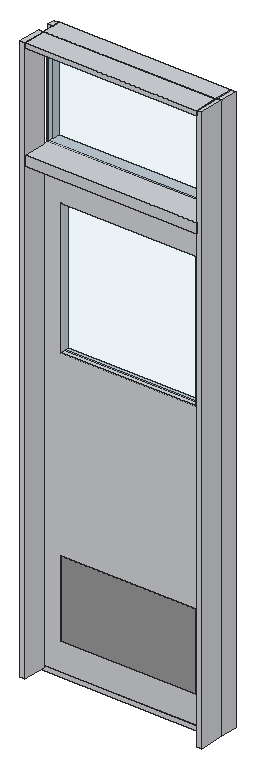
Revit family "Dor_片引き戸（幕板付）_引込み", category ドア, Revit 2020
Family settings
  ホスト = 壁
  常に垂直 = はい
  ロード時にボイドで切り取り = はい
  共有 = いいえ
  部屋計算ポイント = いいえ
Parameters (values of type "片引き戸（幕板付）_引込み")
  開口逃げ位置表示 [instance] = no
  金物_施錠方式(外) = ""
  金物_施錠方式(内) = ""
  金物_支持金物 = ""
  金物_操作金物 = ""
  金物_戸当り = ""
  金物_固定金物 = ""
  金物_フランス落し = ""
  金物_クローザー = ""
  逃げ_左 = 60 mm
  逃げ_右 = 60 mm
  解析用性能 = "<なし>"
  符号_建具記号 = ""
  符号_建具番号 = ""
  無目見付 = 50 mm
  法_随時閉鎖 = yes
  法_防火性能 = ""
  法_遮煙 = yes
  法_常時閉鎖 = yes
  沓摺表示 [instance] = yes
  枠見付上 = 25 mm
  文字_ガラス厚 = ""
  引き残し = 120 mm
  幕板高さ = 500 mm
  幕板_パネル [instance] = no
  幕板_ガラス [instance] = not(幕板_パネル)  # yes
  沓摺見込_Kg [instance] = 150 mm
  ラベル_遮煙 = if(法_遮煙, "S", " ")  # "S"
  ラベル_法囲み = if(法_常時閉鎖, "□", if(法_随時閉鎖, "〇", " "))  # "□"
  マテリアル_ハンドル = none
  ボード厚 [instance] = 25 mm
  ドア高さ = 2400 mm
  ドアパネルタイプ = DP_腰窓+ガラリ : 腰窓+ガラリ
  スリット/小窓位置：戸先 [instance] = yes
  クリアランス_戸尻枠 = 30 mm
  クリアランス_壁パネル間 = 10 mm
  ガラス厚 = 6 mm
  calc_沓摺幅 = パネル幅1 + calc_戸尻位置 + クリアランス_戸尻枠  # 1760 mm
  沓摺タイプ = Kb_沓摺_引込み : Kb_沓摺_引込み
  次による断熱プロパティの定義 = スキーマティック タイプ
  文字_額縁材質 = ""
  文字_額縁仕上 = ""
  文字_沓摺材質 = ""
  文字_沓摺仕上 = ""
  文字_枠材質 = ""
  文字_枠仕上 = ""
  文字_建具材質 = ""
  文字_建具仕上 = ""
  文字_取付場所 = ""
  文字_備考 = ""
  文字_パネル厚 = ""
  文字_ガラリ材質 = ""
  文字_ガラリ仕上 = ""
  文字_ガラス材質 = ""
  文字_アンダーカット = ""
  性能_遮音 = ""
  性能_気密 = ""
  形状_沓摺形状 = ""
  形状_枠形状 = ""
  形状_建具形式 = ""
  形状_ガラリ形状 = ""
  calc_戸袋見込 = パネル厚 + 14 mm + LOCK  # 59 mm
  calc_戸尻位置 = パネル幅1 - 引き残し  # 805 mm
  calc_壁芯ずれ [instance] = オフセット_内側 / 2 + LOCK  # 25 mm
  マテリアル_沓摺 = none
  マテリアル_枠 = none
  マテリアル_パネル = none
  マテリアル_ガラリ = none
  マテリアル_ガラス = ガラス - 透明
  パネル幅2 = 0 mm  # constant formula
  パネル幅1 = 幅 + 枠見付  # 925 mm
  引手表示 [instance] = yes
  Keynote = ""
  オフセット_内側 [instance] = 50 mm
  calc_全幅 = W寸法 + calc_戸尻位置 + クリアランス_戸尻枠 + 枠見付  # 1760 mm
  calc_ボイド高さ [instance] = if(幕板_パネル, H寸法, H寸法 + 枠見付上)  # 2975 mm
  calc_パネル中心_幅 = 枠見付 / 2 + LOCK  # 12.5 mm
  calc_パネル中心_厚 [instance] = ボード厚 + LGS厚 / 2 + 枠ちり外 + LOCK  # 68.5 mm
  W寸法 = 900 mm
  LOCK = 0 mm  # constant formula
  Function = (empty or 0)
  Description = ""
  Rough Width = 0 mm
  高さ = 2650 mm
  枠見付 = 25 mm
  枠ちり外 = 10 mm
  枠ちり内 = 10 mm
  引手_高さ = 900 mm
  引手_オフセット = 80 mm
  戸当見込 = 50 mm
  戸当見付 = 15 mm
  Construction Type = ""
  Wall Closure = (empty or 0)
  幅 = W寸法 + LOCK  # 900 mm
  Rough Height = 0 mm
  パネル高 = ドア高さ - アンダーカット  # 2395 mm
  パネル幅 = パネル幅1 + LOCK  # 925 mm
  パネル厚 = 45 mm
  アンダーカット = 5 mm
  LGS厚 [instance] = 67 mm
  H寸法 [instance] = if(幕板_パネル, ドア高さ + 幕板高さ, ドア高さ + 無目見付 + 幕板高さ)  # 2950 mm
Reference planes
  plane 1: y = 0.417
  plane 2 "中心(左/右)": x = 0
  plane 3 "EXT.": y = 75.417
  plane 4 "内壁": y = -74.583
  plane 5 "左": x = -450
  plane 6 "右": x = 450
  plane 7 "上側": z = 2950
  plane 8: z = 0
  plane 9 "枠ちり外": y = 85.417
  plane 10 "枠外側左": x = -475
  plane 11 "枠外側右": x = 475
  plane 12 "枠見付_上": z = 2975
  plane 13: z = 5
  plane 14 "オフセット_内側": y = -124.583
  plane 15 "枠ちり内": y = -134.583
  plane 16: y = 65.417
  plane 17: x = -480
  plane 18: x = 480
  plane 19: y = -129.583
  plane 20 "パネル中心": y = 16.917
  plane 21: z = 900
  plane 22 "ボード厚": y = 50.417
  plane 23: x = -1280
  plane 24: x = -1310
  plane 25: x = -1335
  plane 26 "パネル幅中心": x = -12.5
  plane 27 "引手位置": x = 370
  plane 28 "沓摺中心": x = -430
  plane 29: y = 65
  plane 30 "LGS厚": y = -16.583
  plane 31 "戸袋内側": y = -12.583
  plane 32 "戸袋外側": y = 46.417
  plane 33: x = -470
  plane 34: y = 80.417
  plane 35: y = 39.417
  plane 36: y = -5.583
  plane 37: z = 2977
  plane 38: y = -5.583
  plane 39: y = 39.417
  plane 40: z = 2450
  plane 41: z = 2400
  plane 42: z = 1202.5
  plane 43: y = 34.417
  plane 44: y = 21.917
  plane 45: y = 11.917
  plane 46: y = 21.917
  plane 47: y = 11.917
  plane 48: y = 21.917
  plane 49: y = 11.917
  plane 50 "逃げ位置": y = 16.917
  plane 51: y = 55.417
  plane 52: y = -104.583
  plane 53: z = 2952
  plane 54: y = 55.417
  plane 55: y = -104.583
  plane 56: x = -330
Forms (mm)
  Extrusion 1, void
    sketch origin (0, 0, 0) x (1, 0, 0) y (0, 1, 0)
      loop
        line (-475, -124.583) -> (475, -124.583) -> (475, 50.417) -> (-475, 50.417) -> (-475, -124.583)
    from 0 to 2975 <- "calc_ボイド高さ"
  Extrusion 2, void
    sketch origin (0, 0, 0) x (1, 0, 0) y (0, 1, 0)
      loop
        line (-475, 75.417) -> (-475, 46.417) -> (475, 46.417) -> (475, 75.417) -> (-475, 75.417)
    from 0 to 2975 <- "calc_ボイド高さ"
  Extrusion 3, solid, material <- "マテリアル_枠", visible <- "幕板_ガラス"
    sketch origin (0, 0, 0) x (1, 0, 0) y (0, 1, 0)
      loop
        line (-450, 85.417) -> (-450, -12.583) -> (450, -12.583) -> (450, 85.417) -> (-450, 85.417)
    from 2950 to 2975
  Extrusion 4, solid, material <- "マテリアル_枠", visible <- "幕板_ガラス"
    sketch origin (0, 0, 0) x (1, 0, 0) y (0, 1, 0)
      loop
        line (-450, -134.583) -> (450, -134.583) -> (450, 46.417) -> (-450, 46.417) -> (-450, -134.583)
    from 2950 to 2975
  Extrusion 5, solid, material <- "マテリアル_枠"
    sketch origin (0, 0, 0) x (1, 0, 0) y (0, 1, 0)
      loop
        line (-475, -134.583) -> (-450, -134.583) -> (-450, -12.583) -> (-475, -12.583) -> (-475, -134.583)
      loop
        line (450, -134.583) -> (475, -134.583) -> (475, -5.583) -> (450, -5.583) -> (450, -134.583)
    from 0 to 2975 <- "calc_ボイド高さ"
  Extrusion 6, solid, material <- "マテリアル_枠"
    sketch origin (0, 0, 0) x (1, 0, 0) y (0, 1, 0)
      loop
        line (-475, 46.417) -> (-450, 46.417) -> (-450, 85.417) -> (-475, 85.417) -> (-475, 46.417)
      loop
        line (450, -5.583) -> (475, -5.583) -> (475, 85.417) -> (450, 85.417) -> (450, -5.583)
    from 0 to 2975 <- "calc_ボイド高さ"
  Extrusion 7, solid, material <- "マテリアル_枠"
    sketch origin (0, 0, 0) x (0, 1, 0) y (0, 0, 1)
      loop
        line (85.417, 2400) -> (85.417, 2450) -> (-134.583, 2450) -> (-134.583, 2400) -> (85.417, 2400)
    from -450 to 450
  Extrusion 8, solid, material <- "マテリアル_パネル", visible <- "幕板_パネル"
    sketch origin (0, 0, 0) x (0, 1, 0) y (0, 0, 1)
      loop
        line (85.417, 2950) -> (-134.583, 2950) -> (-134.583, 2400) -> (85.417, 2400) -> (85.417, 2950)
    from -450 to 450
  Extrusion 9, solid, material "ガラス - 透明" <- "マテリアル_ガラス", visible <- "幕板_ガラス"
    sketch origin (0, 0, 0) x (0, 1, 0) y (0, 0, 1)
      loop
        line (21.917, 2950) -> (11.917, 2950) -> (11.917, 2450) -> (21.917, 2450) -> (21.917, 2950)
    from -450 to 450
  Extrusion 10, void
    sketch origin (0, 0, 0) x (1, 0, 0) y (0, 1, 0)
      loop
        line (-1335, -16.583) -> (-475, -16.583) -> (-475, 50.417) -> (-1335, 50.417) -> (-1335, -16.583)
    from 0 to 2975 <- "calc_ボイド高さ"
Cuts and joins
  Extrusion 10 cuts Extrusion 5
  Extrusion 10 cuts Extrusion 6
Lines and regions (mm)
  Masking region 1
    outline origin (0, 0, 0) x (0, 1, 0) y (0, 0, 1)
      loop
        line (39.417, 2400) -> (-5.583, 2400) -> (-5.583, 5) -> (39.417, 5) -> (39.417, 2400)
  Masking region 2, visible <- "幕板_ガラス"
    outline origin (0, 0, 0) x (0, 1, 0) y (0, 0, 1)
      loop
        line (55.417, 2975) -> (55.417, 2977) -> (-104.583, 2977) -> (-104.583, 2975) -> (-134.583, 2975) -> (-134.583, 2950) -> (85.417, 2950) -> (85.417, 2975) -> (55.417, 2975)
  Masking region 3, detail levels medium+fine
    outline origin (0, 0, 0) x (1, 0, 0) y (0, 1, 0)
      loop
        line (-475, -12.583) -> (-475, -134.583) -> (-450, -134.583) -> (-450, -12.583) -> (-475, -12.583)
      loop
        line (475, -134.583) -> (475, 85.417) -> (450, 85.417) -> (450, -134.583) -> (475, -134.583)
      loop
        line (-1335, -16.583) -> (-1310, -16.583) -> (-1310, 50.417) -> (-1335, 50.417) -> (-1335, -16.583)
      loop
        line (-475, 85.417) -> (-475, 46.417) -> (-450, 46.417) -> (-450, 85.417) -> (-475, 85.417)
  Masking region 4, detail levels coarse
    outline origin (0, 0, 0) x (1, 0, 0) y (0, 1, 0)
      loop
        line (-480, -16.583) -> (-480, -124.583) -> (-450, -124.583) -> (-450, -16.583) -> (-480, -16.583)
      loop
        line (480, 75.417) -> (450, 75.417) -> (450, -124.583) -> (480, -124.583) -> (480, 75.417)
      loop
        line (-480, 50.417) -> (-450, 50.417) -> (-450, 75.417) -> (-480, 75.417) -> (-480, 50.417)
      loop
        line (-1310, 50.417) -> (-1310, 55.417) -> (-1340, 55.417) -> (-1340, -21.583) -> (-1310, -21.583) -> (-1310, -16.583) -> (-1310, 50.417)
  Masking region 5, detail levels medium+fine
    outline origin (0, 0, 0) x (1, 0, 0) y (0, 1, 0)
      loop
        line (-475, -16.583) -> (-475, -12.583) -> (-470, -12.583) -> (-470, 46.417) -> (-475, 46.417) -> (-475, 50.417) -> (-1310, 50.417) -> (-1310, -16.583) -> (-475, -16.583)
  Masking region 6, detail levels coarse
    outline origin (0, 0, 0) x (1, 0, 0) y (0, 1, 0)
      loop
        line (-1310, -16.583) -> (-475, -16.583) -> (-450, -16.583) -> (-450, 50.417) -> (-475, 50.417) -> (-1310, 50.417) -> (-1310, -16.583)
  Masking region 7, visible <- "幕板_ガラス"
    outline origin (0, 0, 0) x (0, 1, 0) y (0, 0, 1)
      loop
        line (85.417, 2400) -> (85.417, 2450) -> (-134.583, 2450) -> (-134.583, 2400) -> (85.417, 2400)
  Masking region 8, visible <- "幕板_ガラス"
    outline origin (0, 0, 0) x (0, 1, 0) y (0, 0, 1)
      loop
        line (21.917, 2450) -> (21.917, 2950) -> (11.917, 2950) -> (11.917, 2450) -> (21.917, 2450)
  Masking region 9, visible <- "幕板_ガラス"
    outline origin (0, 0, 0) x (0, 1, 0) y (0, 0, 1)
      loop
        line (85.417, 2450) -> (85.417, 2950) -> (21.917, 2950) -> (21.917, 2450) -> (85.417, 2450)
      loop
        line (-134.583, 2450) -> (11.917, 2450) -> (11.917, 2950) -> (-134.583, 2950) -> (-134.583, 2450)
  Masking region 10, visible <- "幕板_パネル"
    outline origin (0, 0.835, 5.305) x (0, 1, 0) y (0, 0, 1)
      loop
        line (-135.417, 2394.695) -> (84.583, 2394.695) -> (84.583, 2944.695) -> (54.583, 2944.695) -> (54.583, 2946.695) -> (-105.417, 2946.695) -> (-105.417, 2944.695) -> (-135.417, 2944.695) -> (-135.417, 2394.695)
  symbolic lines
    curve 1: line (0, 135.417, 0) -> (0, -184.583, 0)
Text (mm)
  text "EXT." at (-2295.016, 1099.543, 0), in view "基準レベル"
  text "外部" at (0, 1615.38, 3698.081), in view "左"
  text "外部" at (0, 1036.032, 3874.932), in view "右"
  text "内部" at (0, -1175.082, 3874.932), in view "右"
  text "内部" at (-2295.016, -1087.353, 0), in view "基準レベル"
Dimensions and locks
  equal spacing: plane 5 "左", plane 2 "中心(左/右)", plane 6 "右"
  locked: plane 3 "EXT." to host wall
  locked: plane 4 "内壁" to host wall
  "W寸法": plane 5 "左" to plane 6 "右"
  "H寸法": plane 8 to plane 7 "上側"
  "枠ちり外": plane 3 "EXT." to plane 9 "枠ちり外"
  "枠ちり内": plane 14 "オフセット_内側" to plane 15 "枠ちり内"
  "アンダーカット": plane 13 to plane 8
  locked: plane 3 "EXT." to plane 16 at 10
  locked: curve 1 to plane 9 "枠ちり外" at 50
  locked: plane 15 "枠ちり内" to curve 1 at 50
  plane 4 "内壁" to plane 3 "EXT." = 150 mm
  locked: plane 17 to plane 10 "枠外側左" at 5
  locked: plane 11 "枠外側右" to plane 18 at 5
  locked: plane 14 "オフセット_内側" to plane 19 at 5
  "calc_パネル中心_厚": plane 9 "枠ちり外" to plane 20 "パネル中心"
  "引手_高さ": plane 21 to level
  "枠見付": plane 6 "右" to plane 11 "枠外側右"
  "枠見付": plane 10 "枠外側左" to plane 5 "左"
  plane 7 "上側" to plane 12 "枠見付_上" = 25 mm
  "クリアランス_戸尻枠": plane 24 to plane 23
  "枠見付": plane 25 to plane 24
  "枠見付上": plane 12 "枠見付_上" to plane 7 "上側"
  "calc_パネル中心_幅": plane 26 "パネル幅中心" to plane 2 "中心(左/右)"
  "calc_戸尻位置": plane 23 to plane 10 "枠外側左"
  equal spacing: plane 24, plane 28 "沓摺中心", plane 6 "右"
  "引手_オフセット": plane 27 "引手位置" to plane 6 "右"
  plane 29 to plane 3 "EXT." = 10.417 mm
  plane 8 to plane 7 "上側" = 2950 mm
  "ボード厚": plane 22 "ボード厚" to plane 3 "EXT."
  "LGS厚": plane 22 "ボード厚" to plane 30 "LGS厚"
  equal spacing: plane 32 "戸袋外側", plane 20 "パネル中心", plane 31 "戸袋内側"
  "calc_戸袋見込": plane 32 "戸袋外側" to plane 31 "戸袋内側"
  plane 10 "枠外側左" to plane 33 = 5 mm
  plane 3 "EXT." to plane 34 = 5 mm
  equal spacing: plane 35, plane 20 "パネル中心", plane 36
  "パネル厚": plane 35 to plane 36
  "オフセット_内側": plane 4 "内壁" to plane 14 "オフセット_内側"
  equal spacing: plane 39, plane 20 "パネル中心", plane 38
  "パネル厚": plane 39 to plane 38
  "ドア高さ": plane 41 to plane 8
  "無目見付": plane 40 to plane 41
  plane 7 "上側" to plane 40 = 500 mm
  equal spacing: plane 41, plane 42, plane 13
  plane 37 to plane 12 "枠見付_上" = 2 mm
  plane 39 to plane 43 = 5 mm
  equal spacing: plane 44, plane 20 "パネル中心", plane 45
  plane 44 to plane 45 = 10 mm
  equal spacing: plane 46, plane 20 "パネル中心", plane 47
  plane 46 to plane 47 = 10 mm
  equal spacing: plane 48, plane 20 "パネル中心", plane 49
  plane 48 to plane 49 = 10 mm
  Masking region 4 sketch curve to plane 22 "ボード厚" = 5 mm
  plane 30 "LGS厚" to Masking region 4 sketch curve = 5 mm
  Masking region 4 sketch curve to plane 25 = 5 mm
  plane 7 "上側" to plane 41 = 550 mm
  locked: plane 7 "上側" to plane 53 at 2
  plane 9 "枠ちり外" to plane 51 = 30 mm
  plane 52 to plane 15 "枠ちり内" = 30 mm
  locked: plane 9 "枠ちり外" to plane 54 at 30
  locked: plane 55 to plane 15 "枠ちり内" at 30
  "引き残し": plane 5 "左" to plane 56
  aligned and locked: plane 1 to host wall
  aligned and locked: level to plane 8
  aligned and locked: Extrusion 2 sketch curve to host wall
  aligned and locked: plane 10 "枠外側左" to Extrusion 2 sketch curve
  aligned and locked: plane 11 "枠外側右" to Extrusion 2 sketch curve
  aligned and locked: Extrusion 1 to plane 14 "オフセット_内側"
  aligned and locked: Masking region 2 sketch curve to plane 15 "枠ちり内"
  aligned and locked: plane 9 "枠ちり外" to Masking region 2 sketch curve
  aligned and locked: Masking region 4 sketch curve to plane 17  (x2)
  aligned and locked: plane 6 "右" to Masking region 4 sketch curve
  aligned and locked: Masking region 4 sketch curve to plane 18
  aligned and locked: plane 14 "オフセット_内側" to Masking region 4 sketch curve
  aligned and locked: Masking region 4 sketch curve to plane 14 "オフセット_内側"
  aligned and locked: plane 6 "右" to Masking region 3 sketch curve
  aligned and locked: plane 9 "枠ちり外" to Masking region 3 sketch curve
  aligned and locked: plane 5 "左" to Masking region 3 sketch curve  (x2)
  aligned and locked: Extrusion 3 sketch curve to plane 6 "右"
  aligned and locked: Extrusion 4 sketch curve to plane 15 "枠ちり内"
  aligned and locked: plane 5 "左" to Extrusion 4 sketch curve
  aligned and locked: Extrusion 4 sketch curve to plane 6 "右"
  aligned and locked: plane 12 "枠見付_上" to Extrusion 3
  aligned and locked: plane 7 "上側" to Extrusion 3
  aligned and locked: plane 22 "ボード厚" to Extrusion 1 sketch curve
  aligned and locked: Extrusion 5 sketch curve to plane 15 "枠ちり内"  (x2)
  aligned and locked: Extrusion 5 sketch curve to plane 5 "左"
  aligned and locked: Extrusion 5 sketch curve to plane 10 "枠外側左"
  aligned and locked: plane 6 "右" to Extrusion 5 sketch curve
  aligned and locked: Extrusion 5 sketch curve to plane 11 "枠外側右"
  aligned and locked: plane 7 "上側" to Extrusion 4
  aligned and locked: plane 26 "パネル幅中心" to nested 2
  aligned and locked: plane 27 "引手位置" to nested 4
  aligned and locked: nested 4 to plane 21
  aligned and locked: plane 2 "中心(左/右)" to nested 5
  aligned and locked: nested 3 to plane 20 "パネル中心"
  aligned and locked: plane 20 "パネル中心" to nested 4
  aligned and locked: Masking region 3 sketch curve to plane 31 "戸袋内側"
  aligned and locked: plane 31 "戸袋内側" to Extrusion 5 sketch curve
  aligned and locked: Masking region 4 sketch curve to plane 3 "EXT."
  aligned and locked: Masking region 4 sketch curve to plane 5 "左"
  aligned and locked: nested 2 to plane 20 "パネル中心"
  aligned and locked: Masking region 3 sketch curve to plane 25
  aligned and locked: plane 24 to Masking region 3 sketch curve
  aligned and locked: plane 22 "ボード厚" to Masking region 3 sketch curve
  aligned and locked: Masking region 3 sketch curve to plane 30 "LGS厚"
  aligned and locked: plane 10 "枠外側左" to Masking region 3 sketch curve
  aligned and locked: Masking region 3 sketch curve to plane 32 "戸袋外側"
  aligned and locked: Masking region 3 sketch curve to plane 9 "枠ちり外"
  aligned and locked: plane 30 "LGS厚" to Masking region 5 sketch curve
  aligned and locked: Masking region 5 sketch curve to plane 22 "ボード厚"
  aligned and locked: plane 24 to Masking region 5 sketch curve
  aligned and locked: Masking region 5 sketch curve to plane 10 "枠外側左"  (x2)
  aligned and locked: Masking region 5 sketch curve to plane 32 "戸袋外側"
  aligned and locked: Masking region 5 sketch curve to plane 33
  aligned and locked: plane 31 "戸袋内側" to Masking region 5 sketch curve
  aligned and locked: plane 22 "ボード厚" to Masking region 6 sketch curve  (x2)
  aligned and locked: Masking region 6 sketch curve to plane 30 "LGS厚"  (x2)
  aligned and locked: Masking region 6 sketch curve to plane 24
  aligned and locked: Masking region 6 sketch curve to plane 5 "左"
  aligned and locked: plane 10 "枠外側左" to Masking region 6 sketch curve  (x2)
  aligned and locked: Masking region 4 sketch curve to plane 30 "LGS厚"
  aligned and locked: Masking region 4 sketch curve to plane 22 "ボード厚"
  aligned and locked: Extrusion 3 sketch curve to plane 9 "枠ちり外"
  aligned and locked: Extrusion 3 sketch curve to plane 5 "左"
  aligned and locked: Extrusion 2 sketch curve to plane 32 "戸袋外側"
  aligned and locked: plane 7 "上側" to Masking region 2 sketch curve  (x2)
  aligned and locked: Extrusion 4 sketch curve to plane 32 "戸袋外側"
  aligned and locked: Masking region 1 to nested 3
  aligned and locked: Masking region 1 sketch curve to plane 36
  aligned and locked: Masking region 1 sketch curve to plane 35
  aligned and locked: plane 37 to Masking region 2 sketch curve  (x2)
  aligned and locked: nested 1 to plane 20 "パネル中心"
  aligned and locked: plane 9 "枠ちり外" to Extrusion 6 sketch curve  (x2)
  aligned and locked: plane 6 "右" to Extrusion 6 sketch curve
  aligned and locked: Extrusion 6 sketch curve to plane 11 "枠外側右"
  aligned and locked: Extrusion 6 sketch curve to plane 5 "左"
  aligned and locked: Extrusion 6 sketch curve to plane 10 "枠外側左"
  aligned and locked: Extrusion 6 sketch curve to plane 32 "戸袋外側"
  aligned and locked: Extrusion 3 sketch curve to plane 31 "戸袋内側"
  aligned and locked: Extrusion 6 sketch curve to plane 38
  aligned and locked: plane 38 to Extrusion 5 sketch curve
  aligned and locked: Masking region 1 sketch curve to plane 41
  aligned and locked: nested 5 to plane 42
  aligned and locked: plane 9 "枠ちり外" to Extrusion 7 sketch curve
  aligned and locked: Extrusion 7 sketch curve to plane 15 "枠ちり内"
  aligned and locked: plane 40 to Extrusion 7 sketch curve
  aligned and locked: Extrusion 7 sketch curve to plane 41
  aligned and locked: plane 12 "枠見付_上" to Masking region 2 sketch curve
  aligned and locked: plane 12 "枠見付_上" to Extrusion 4
  aligned and locked: plane 7 "上側" to Extrusion 8 sketch curve
  aligned and locked: plane 44 to Extrusion 9 sketch curve
  aligned and locked: Extrusion 9 sketch curve to plane 45
  aligned and locked: plane 40 to Extrusion 9 sketch curve
  aligned and locked: plane 7 "上側" to Extrusion 9 sketch curve
  aligned and locked: Extrusion 8 to plane 6 "右"
  aligned and locked: Extrusion 9 to plane 6 "右"
  aligned and locked: Extrusion 7 to plane 6 "右"
  aligned and locked: plane 5 "左" to Extrusion 8
  aligned and locked: plane 5 "左" to Extrusion 9
  aligned and locked: plane 5 "左" to Extrusion 7
  aligned and locked: plane 40 to Masking region 7 sketch curve
  aligned and locked: Masking region 7 sketch curve to plane 15 "枠ちり内"
  aligned and locked: Masking region 7 sketch curve to plane 41
  aligned and locked: plane 9 "枠ちり外" to Masking region 7 sketch curve
  aligned and locked: plane 9 "枠ちり外" to Masking region 9 sketch curve
  aligned and locked: plane 15 "枠ちり内" to Masking region 9 sketch curve
  aligned and locked: plane 40 to Masking region 9 sketch curve
  aligned and locked: Masking region 9 sketch curve to plane 40
  aligned and locked: plane 7 "上側" to Masking region 9 sketch curve
  aligned and locked: Masking region 9 sketch curve to plane 7 "上側"
  aligned and locked: Masking region 9 sketch curve to plane 49
  aligned and locked: Masking region 9 sketch curve to plane 48
  aligned and locked: Extrusion 10 sketch curve to plane 25
  aligned and locked: Extrusion 10 sketch curve to plane 30 "LGS厚"
  aligned and locked: plane 22 "ボード厚" to Extrusion 10 sketch curve
  aligned and locked: plane 10 "枠外側左" to Extrusion 10 sketch curve
  aligned and locked: Extrusion 10 to level
  aligned and locked: plane 26 "パネル幅中心" to nested 1
  aligned and locked: Masking region 3 sketch curve to plane 11 "枠外側右"
  aligned and locked: Masking region 4 sketch curve to plane 24
  aligned and locked: plane 22 "ボード厚" to Masking region 4 sketch curve
  aligned and locked: plane 30 "LGS厚" to Masking region 4 sketch curve
  aligned and locked: nested 6 to plane 50 "逃げ位置"
  aligned and locked: plane 41 to Extrusion 8 sketch curve
  aligned and locked: plane 15 "枠ちり内" to Extrusion 8 sketch curve
  aligned and locked: Masking region 10 sketch curve to plane 53
  aligned and locked: plane 51 to Masking region 10 sketch curve
  aligned and locked: Masking region 10 sketch curve to plane 52
  aligned and locked: plane 41 to Masking region 10 sketch curve
  aligned and locked: plane 15 "枠ちり内" to Masking region 10 sketch curve
  aligned and locked: plane 7 "上側" to Masking region 10 sketch curve  (x2)
  aligned and locked: Masking region 2 sketch curve to plane 54
  aligned and locked: plane 55 to Masking region 2 sketch curve
  aligned and locked: plane 28 "沓摺中心" to nested 6
  aligned and locked: plane 20 "パネル中心" to plane 50 "逃げ位置"
Automatic sketch dimensions
  curve 1 to plane 2 "中心(左/右)" = 0 mm
  Extrusion 1 sketch curve to plane 10 "枠外側左" = 0 mm
  Extrusion 1 sketch curve to plane 11 "枠外側右" = 0 mm
  Extrusion 1 sketch curve to plane 14 "オフセット_内側" = 0 mm
  Masking region 1 sketch curve to plane 13 = 0 mm
  Masking region 2 sketch curve to plane 12 "枠見付_上" = 0 mm
  Masking region 8 sketch curve to plane 40 = 0 mm
  Masking region 8 sketch curve to plane 47 = 0 mm
  plane 7 "上側" to Masking region 8 sketch curve = 0 mm
  Masking region 8 sketch curve to plane 46 = 0 mm
  Masking region 3 sketch curve to plane 10 "枠外側左" = 0 mm
  Masking region 3 sketch curve to plane 15 "枠ちり内" = 0 mm  (x2)
  Masking region 4 sketch curve to plane 5 "左" = 0 mm
  Masking region 4 sketch curve to host wall = 0 mm
  Extrusion 8 sketch curve to plane 9 "枠ちり外" = 0 mm
  plane 9 "枠ちり外" to Masking region 10 sketch curve = 0 mm
Nested families
  nested 1: "Kb_沓摺_引込み" at (-12.5, 16.917, 0), アンダーカット <- "アンダーカット", パネル厚 <- "パネル厚", パネル幅 <- "パネル幅1", 沓摺材質 <- "マテリアル_沓摺", type <- "沓摺タイプ", パネル中心位置 <- "calc_パネル中心_厚", 沓摺見込 <- "沓摺見込_Kg", visible <- "沓摺表示", type "Kb_沓摺_引込み"
    with 沓摺見込 150 mm, 沓摺材質 none, パネル幅 925 mm, パネル厚 45 mm, パネル中心位置 68.5 mm, アンダーカット 5 mm
  nested 2: "平面_引き戸" at (-12.5, 16.917, 0), type "平面_引き戸"
    with 幅 925 mm, パネル幅 925 mm
  nested 3: "DP_腰窓+ガラリ" at (-12.5, 16.917, 0), マテリアル_パネル <- "マテリアル_パネル", 幅 <- "パネル幅1", 高さ <- "パネル高", Thickness <- "パネル厚", type <- "ドアパネルタイプ", アンダーカット <- "アンダーカット", マテリアル_ガラス <- "マテリアル_ガラス", マテリアル_ガラリ <- "マテリアル_ガラリ", スリット/小窓位置：戸先 <- "スリット/小窓位置：戸先", ガラス厚 <- "ガラス厚", type "腰窓+ガラリ"
    with 高さ 2395 mm, 幅 925 mm, built-in parameter 1001302 45 mm, マテリアル_パネル none, マテリアル_ガラリ none, マテリアル_ガラス ガラス - 透明, スリット/小窓位置：戸先 yes, ガラス厚 6 mm, アンダーカット 5 mm, calc_窓W 705 mm, calc_窓H 700 mm
  nested 4: "Ha_引手" at (370, 16.917, 900) x (-1, 0, 0) z (0, 0, 1), visible <- "引手表示", type "Ha_引手"
    with パネル厚 45 mm
  nested 5: "立面_スイング_引き戸" at (0, 75.417, 1202.5) x (1, 0, 0) z (0, -1, 0), type "立面_スイング_引き戸"
    with 幅 250 mm
  nested 6: "平面_逃げ位置" at (-430, 16.917, 0), visible <- "開口逃げ位置表示", 幅 <- "calc_全幅", 逃げ_右 <- "逃げ_右", 逃げ_左 <- "逃げ_左", type "平面_逃げ位置"
    with 逃げ_左 60 mm, 逃げ_右 60 mm, 幅 1760 mm
Definition of nested family "Kb_沓摺_引込み"
  Parameters (values of type "Kb_沓摺_引込み")
    沓摺材質 [instance] = none
    Default Elevation = 0 mm
    沓摺見込 [instance] = 150 mm
    パネル幅 [instance] = 830 mm
    パネル厚 [instance] = 45 mm
    パネル中心位置 [instance] = 0 mm
    アンダーカット [instance] = 5 mm
  Reference planes
    plane 1 "中心(正面/背面)": y = 0
    plane 2: z = 0
    plane 3 "中心(左/右)": x = 0
    plane 4 "パネル内側": y = -22.5
    plane 5: x = -415
    plane 6: x = 415
    plane 7: z = 5
    plane 8: z = 3
    plane 9 "パネル外側": y = 22.5
    plane 10: z = -20
    plane 11: y = 0
    plane 12: y = -150
  Forms (mm)
    Extrusion 1, solid, material <- "沓摺材質"
      sketch origin (0, 0, 0) x (0, 1, 0) y (0, 0, 1)
        loop
          line (22.5, -20) -> (22.5, 3) -> (-22.5, 3) -> (-22.5, -20) -> (22.5, -20)
      from -415 to 415
  Lines and regions (mm)
    Masking region 1
      outline origin (0, 0, 0) x (0, 1, 0) y (0, 0, 1)
        loop
          line (22.5, -20) -> (22.5, 3) -> (-22.5, 3) -> (-22.5, -20) -> (22.5, -20)
    Masking region 2, detail levels medium+fine
      outline origin (0, 0, 0) x (1, 0, 0) y (0, 1, 0)
        loop
          line (-415, -22.5) -> (415, -22.5) -> (415, 22.5) -> (-415, 22.5) -> (-415, -22.5)
  Dimensions and locks
    "パネル幅": plane 5 to plane 6
    equal spacing: plane 5, plane 3 "中心(左/右)", plane 6
    "アンダーカット": plane 7 to plane 2
    locked: plane 7 to plane 8 at 2
    equal spacing: plane 9 "パネル外側", plane 1 "中心(正面/背面)", plane 4 "パネル内側"
    "パネル厚": plane 9 "パネル外側" to plane 4 "パネル内側"
    locked: plane 7 to plane 10 at 25
    "パネル中心位置": plane 11 to plane 1 "中心(正面/背面)"
    "沓摺見込": plane 11 to plane 12
    aligned and locked: level to plane 2
    aligned and locked: plane 10 to Extrusion 1 sketch curve
    aligned and locked: Extrusion 1 sketch curve to plane 9 "パネル外側"
    aligned and locked: Extrusion 1 sketch curve to plane 8
    aligned and locked: plane 4 "パネル内側" to Extrusion 1 sketch curve
    aligned and locked: plane 6 to Extrusion 1
    aligned and locked: Extrusion 1 to plane 5
    aligned and locked: Masking region 1 sketch curve to plane 9 "パネル外側"
    aligned and locked: plane 4 "パネル内側" to Masking region 1 sketch curve
    aligned and locked: Masking region 1 sketch curve to plane 8
    aligned and locked: plane 10 to Masking region 1 sketch curve
    aligned and locked: plane 5 to Extrusion 1
    aligned and locked: Extrusion 1 to plane 6
    aligned and locked: plane 9 "パネル外側" to Masking region 2 sketch curve
    aligned and locked: Masking region 2 sketch curve to plane 4 "パネル内側"
    aligned and locked: Masking region 2 sketch curve to plane 5
    aligned and locked: plane 6 to Masking region 2 sketch curve
Definition of nested family "DP_腰窓+ガラリ"
  Parameters (values of type "腰窓+ガラリ")
    Height [instance] = 1995 mm
    Analytic Construction = "<なし>"
    窓位置_戸先 = 110 mm
    窓位置_戸尻 = 110 mm
    Define Thermal Properties by = 1
    Thickness [instance] = 40 mm
    窓腰高 = 1500 mm
    マテリアル_パネル [instance] = none
    マテリアル_ガラリ [instance] = none
    マテリアル_ガラス [instance] = none
    スリット/小窓位置：戸先 [instance] = yes
    ガラリ位置_下 = 150 mm
    窓位置_上 = 200 mm
    Width [instance] = 800 mm
    ガラリH = 400 mm
    ガラス厚 [instance] = 6 mm
    アンダーカット [instance] = 5 mm
    calc_窓W [instance] = Width - 窓位置_戸先 - 窓位置_戸尻  # 580 mm
    calc_窓H [instance] = (Height + アンダーカット) - 窓腰高 - 窓位置_上  # 300 mm
  Reference planes
    plane 1 "中心(正面/背面)": y = 0
    plane 2 "下": z = 0
    plane 3 "中心(左/右)": x = 0
    plane 4 "右": x = 400
    plane 5 "左": x = -400
    plane 6 "前面": y = 20
    plane 7 "背面": y = -20
    plane 8 "上": z = 2000
    plane 9 "框左": x = -290
    plane 10 "框右": x = 290
    plane 11 "ガラス下": z = 1500
    plane 12 "框上": z = 1800
    plane 13 "ガラリ上": z = 550
    plane 14 "框下": z = 150
    plane 15 "窓中央": x = 0
    plane 16: z = 5
  Forms (mm)
    Extrusion 1, solid, material <- "マテリアル_パネル"
      sketch origin (0, 0, 0) x (1, 0, 0) y (0, 0, 1)
        loop
          line (-400, 2000) -> (-400, 5) -> (400, 5) -> (400, 2000) -> (-400, 2000)
        loop
          line (-290, 1800) -> (-290, 1500) -> (290, 1500) -> (290, 1800) -> (-290, 1800)
        loop
          line (-290, 550) -> (-290, 150) -> (290, 150) -> (290, 550) -> (-290, 550)
      from -20 to 20
    Extrusion 2, solid, material <- "マテリアル_ガラリ"
      sketch origin (0, 0, 0) x (1, 0, 0) y (0, 0, 1)
        loop
          line (-290, 550) -> (-290, 150) -> (290, 150) -> (290, 550) -> (-290, 550)
      from -20 to 20
  Dimensions and locks
    equal spacing: plane 5 "左", plane 3 "中心(左/右)", plane 4 "右"
    "Width": plane 5 "左" to plane 4 "右"
    equal spacing: plane 6 "前面", plane 1 "中心(正面/背面)", plane 7 "背面"
    "Thickness": plane 6 "前面" to plane 7 "背面"
    "窓位置_上": plane 8 "上" to plane 12 "框上"
    "窓腰高": plane 11 "ガラス下" to level
    "窓位置_戸先": plane 4 "右" to plane 10 "框右"
    "窓位置_戸尻": plane 9 "框左" to plane 5 "左"
    "ガラリ位置_下": plane 14 "框下" to level
    "ガラリH": plane 13 "ガラリ上" to plane 14 "框下"
    equal spacing: plane 9 "框左", plane 15 "窓中央", plane 10 "框右"
    "アンダーカット": plane 16 to plane 2 "下"
    "Height": plane 8 "上" to plane 16
    aligned and locked: level to plane 2 "下"
    aligned and locked: Extrusion 1 sketch curve to plane 8 "上"
    aligned and locked: plane 5 "左" to Extrusion 1 sketch curve
    aligned and locked: Extrusion 1 sketch curve to plane 4 "右"
    aligned and locked: plane 6 "前面" to Extrusion 1
    aligned and locked: Extrusion 1 to plane 7 "背面"
    aligned and locked: Extrusion 1 sketch curve to plane 12 "框上"
    aligned and locked: plane 9 "框左" to Extrusion 1 sketch curve  (x2)
    aligned and locked: plane 11 "ガラス下" to Extrusion 1 sketch curve
    aligned and locked: plane 10 "框右" to Extrusion 1 sketch curve  (x2)
    aligned and locked: Extrusion 1 sketch curve to plane 13 "ガラリ上"
    aligned and locked: plane 14 "框下" to Extrusion 1 sketch curve
    aligned and locked: Extrusion 2 sketch curve to Extrusion 1  (x4)
    aligned and locked: plane 6 "前面" to Extrusion 2
    aligned and locked: Extrusion 2 to plane 7 "背面"
    aligned and locked: plane 15 "窓中央" to nested 1
    aligned and locked: nested 1 to plane 1 "中心(正面/背面)"
    aligned and locked: plane 16 to Extrusion 1 sketch curve
  Nested families
    nested 1: "DPw_ガラス" at (0, 15, 1500), built-in parameter 1001364 <- "窓腰高", Height <- "calc_窓H", Width <- "calc_窓W", Thickness <- "ガラス厚", マテリアル_ガラス <- "マテリアル_ガラス", type "ガラス"
      with Height 300 mm, Width 580 mm, Thickness 6 mm, マテリアル_ガラス none
  Definition of nested family "DPw_ガラス"
    Parameters (values of type "DPw_ガラス")
      Define Thermal Properties by = 1
      Visual Light Transmittance = 0.9
      Solar Heat Gain Coefficient = 0.78
      Height [instance] = 1000 mm
      Heat Transfer Coefficient (U) = 3.6886 W/(m²·K)
      Width [instance] = 800 mm
      Analytic Construction = "1/8 インチ ピルキントン一重ガラス"
      Thickness [instance] = 6 mm
      マテリアル_ガラス [instance] = none
    Reference planes
      plane 1 "中心(正面/背面)": y = -15
      plane 2 "下": z = 0
      plane 3 "中心(左/右)": x = 0
      plane 4 "左": x = -400
      plane 5 "右": x = 400
      plane 6 "上": z = 1000
      plane 7: y = -12
      plane 8: y = -18
      plane 9: z = 500
    Forms (mm)
      Extrusion 1, solid, material <- "マテリアル_ガラス"
        sketch origin (0, -15, 0) x (1, 0, 0) y (0, 0, 1)
          loop
            line (-400, 0) -> (400, 0) -> (400, 1000) -> (-400, 1000) -> (-400, 0)
        from -3 to 3
    Lines and regions (mm)
      symbolic lines, detail levels medium+fine
        curve 1: line (400, -15, 0) -> (-400, -15, 0)
      symbolic lines, detail levels fine
        curve 2: line (0, -15, 1000) -> (0, -15, 0)
    Dimensions and locks
      equal spacing: plane 4 "左", plane 3 "中心(左/右)", plane 5 "右"
      "Width": plane 4 "左" to plane 5 "右"
      "Height": plane 6 "上" to plane 2 "下"
      equal spacing: plane 6 "上", plane 9, plane 2 "下"
      "Thickness": plane 8 to plane 7
      equal spacing: plane 8, plane 1 "中心(正面/背面)", plane 7
      plane 2 "下" to level = 0 mm
      aligned and locked: plane 5 "右" to Extrusion 1
      aligned and locked: Extrusion 1 to plane 4 "左"
      aligned and locked: Extrusion 1 to plane 7
      aligned and locked: plane 8 to Extrusion 1
      aligned and locked: curve 1 to plane 1 "中心(正面/背面)"
      aligned and locked: plane 4 "左" to curve 1
      aligned and locked: Extrusion 1 to curve 1
      aligned and locked: plane 6 "上" to Extrusion 1
      aligned and locked: plane 2 "下" to curve 2
      aligned and locked: plane 6 "上" to curve 2
      aligned and locked: Extrusion 1 to plane 2 "下"
    Automatic sketch dimensions
      Extrusion 1 sketch curve to plane 4 "左" = 0 mm
      Extrusion 1 sketch curve to plane 5 "右" = 0 mm
      level to Extrusion 1 sketch curve = 0 mm
      Extrusion 1 sketch curve to plane 6 "上" = 0 mm
      curve 2 to plane 1 "中心(正面/背面)" = 0 mm
Definition of nested family "Ha_引手"
  Parameters (values of type "Ha_引手")
    Analytic Construction = "<なし>"
    Define Thermal Properties by = 1
    パネル厚 = 30 mm
    ハンドル = none
    Keynote = "08730.C5"
  Reference planes
    plane 1 "中心(正面/背面)": y = 0
    plane 2: z = 0
    plane 3 "中心 (左/右)": x = 0
    plane 4: y = 15
    plane 5: y = -15
    plane 6: y = -20
    plane 7: y = 20
  Forms (mm)
    Extrusion 1, solid, material <- "ハンドル"
      sketch origin (-30, -15, 0) x (1, 0, 0) y (0, 0, 1)
        loop
          line (20, -40) -> (40, -40) -> (40, 40) -> (20, 40) -> (20, -40)
      from -35 to 5
    Extrusion 2, void
      sketch origin (0, -15, 0) x (-1, 0, 0) y (0, 0, 1)
        loop
          line (5, -25) -> (5, 25) -> (-5, 25) -> (-5, -25) -> (5, -25)
      from -5 to 0
    Extrusion 3, void
      sketch origin (0, 15, 0) x (-1, 0, 0) y (0, 0, 1)
        loop
          line (-5, 25) -> (-5, -25) -> (5, -25) -> (5, 25) -> (-5, 25)
      from 0 to 5
  Cuts and joins
    Extrusion 2, Extrusion 3 cuts Extrusion 1
  Dimensions and locks
    equal spacing: plane 5, plane 1 "中心(正面/背面)", plane 4
    "パネル厚": plane 5 to plane 4
    locked: plane 6 to plane 5 at 5
    locked: plane 4 to plane 7 at 5
    aligned and locked: plane 6 to Extrusion 1
    aligned and locked: Extrusion 1 to plane 7
    aligned and locked: Extrusion 1 to Extrusion 2
    aligned and locked: Extrusion 1 to Extrusion 3
  Automatic sketch dimensions
    Extrusion 1 sketch curve to plane 3 "中心 (左/右)" = 10 mm
    plane 3 "中心 (左/右)" to Extrusion 1 sketch curve = 10 mm
    Extrusion 1 sketch curve to level = 40 mm
    level to Extrusion 1 sketch curve = 40 mm
    plane 3 "中心 (左/右)" to Extrusion 2 sketch curve = 5 mm
    Extrusion 2 sketch curve to plane 3 "中心 (左/右)" = 5 mm
    Extrusion 2 sketch curve to level = 25 mm
    level to Extrusion 2 sketch curve = 25 mm
    plane 3 "中心 (左/右)" to Extrusion 3 sketch curve = 5 mm
    Extrusion 3 sketch curve to plane 3 "中心 (左/右)" = 5 mm
    Extrusion 3 sketch curve to level = 25 mm
    level to Extrusion 3 sketch curve = 25 mm
Definition of nested family "平面_引き戸"
  Parameters (values of type "平面_引き戸")
    引き残し = 120 mm
    幅 = 825 mm
    パネル幅 = 幅  # 825 mm
    パネル厚 = 45 mm
  Reference planes
    plane 1 "中心(正面/背面)": y = 0
    plane 2: z = 0
    plane 3 "中心(左/右)": x = 0
    plane 4: x = -412.5
    plane 5: x = 412.5
    plane 6 "内側": y = -22.5
    plane 7 "外側": y = 22.5
    plane 8: x = -292.5
    plane 9: x = -1117.5
  Lines and regions (mm)
    Masking region 1, in view "基準レベル", detail levels medium+fine
      outline origin (0, 0, 0) x (1, 0, 0) y (0, 1, 0)
        loop
          line (-412.5, -22.5) -> (412.5, -22.5) -> (412.5, 22.5) -> (-412.5, 22.5) -> (-412.5, -22.5)
    detail lines, in view "基準レベル", detail levels medium+fine
      curve 1: line (-412.5, -22.5, 0) -> (-1117.5, -22.5, 0)
      curve 2: line (-1117.5, -22.5, 0) -> (-1117.5, 22.5, 0)
      curve 3: line (-1117.5, 22.5, 0) -> (-412.5, 22.5, 0)
    detail lines, in view "基準レベル", detail levels coarse
      curve 4: line (412.5, 0, 0) -> (-412.5, 0, 0)
      curve 5: line (-1117.5, 0, 0) -> (-412.5, 0, 0)
  Dimensions and locks
    equal spacing: plane 4, plane 3 "中心(左/右)", plane 5
    "幅": plane 4 to plane 5
    "パネル厚": plane 7 "外側" to plane 6 "内側"
    equal spacing: plane 7 "外側", plane 1 "中心(正面/背面)", plane 6 "内側"
    "引き残し": plane 4 to plane 8
    "幅": plane 9 to plane 8
    aligned and locked: Masking region 1 sketch curve to plane 6 "内側"
    aligned and locked: Masking region 1 sketch curve to plane 4
    aligned and locked: plane 5 to Masking region 1 sketch curve
    aligned and locked: plane 7 "外側" to Masking region 1 sketch curve
    aligned and locked: plane 5 to curve 4
    aligned and locked: curve 3 to plane 7 "外側"
    aligned and locked: plane 9 to curve 2
    aligned and locked: Masking region 1 to plane 4
    aligned and locked: plane 6 "内側" to curve 1
    aligned and locked: Masking region 1 to plane 6 "内側"
    aligned and locked: plane 5 to Masking region 1
    aligned and locked: plane 4 to curve 4
    aligned and locked: plane 9 to curve 5
    aligned and locked: plane 1 "中心(正面/背面)" to curve 5
    aligned and locked: curve 4 to plane 1 "中心(正面/背面)"
  Automatic sketch dimensions
    curve 3 to plane 4 = 0 mm
    curve 1 to plane 4 = 0 mm
Definition of nested family "立面_スイング_引き戸"
  Parameters (values of type "立面_スイング_引き戸")
    幅 [instance] = 250 mm
  Reference planes
    plane 1 "中心(正面/背面)": y = 0
    plane 2: z = 0
    plane 3 "中心(左/右)": x = 0
    plane 4: x = -125
    plane 5: x = 125
  Lines and regions (mm)
    detail lines, in view "基準レベル"
      curve 1: line (125, 0, 0) -> (-125, 0, 0)
      curve 2: line (-125, 0, 0) -> (-55.718, 40, 0)
  Dimensions and locks
    equal spacing: plane 4, plane 3 "中心(左/右)", plane 5
    "幅": plane 4 to plane 5
    angle curve 1 to curve 2 = 30.00°
    aligned and locked: plane 4 to curve 1
    aligned and locked: plane 5 to curve 1
  Automatic sketch dimensions
    plane 1 "中心(正面/背面)" to curve 1 = 0 mm
Definition of nested family "平面_逃げ位置"
  Parameters (values of type "平面_逃げ位置")
    逃げ_左 [instance] = 40 mm
    逃げ_右 [instance] = 40 mm
    幅 [instance] = 1000 mm
  Reference planes
    plane 1 "中心(正面/背面)": y = 0
    plane 2: z = 0
    plane 3 "中心(左/右)": x = 0
    plane 4: x = -500
    plane 5: x = 500
    plane 6: x = 540
    plane 7: x = -540
    plane 8: y = -30
    plane 9: y = 30
  Lines and regions (mm)
    detail lines, in view "基準レベル"
      curve 1: line (-540, 30, 0) -> (-540, -30, 0)
      curve 2: line (540, 30, 0) -> (540, -30, 0)
  Dimensions and locks
    equal spacing: plane 4, plane 3 "中心(左/右)", plane 5
    "幅": plane 4 to plane 5
    plane 9 to plane 8 = 60 mm
    equal spacing: plane 9, plane 1 "中心(正面/背面)", plane 8
    "逃げ_左": plane 7 to plane 4
    "逃げ_右": plane 5 to plane 6
    aligned and locked: curve 1 to plane 7
    aligned and locked: plane 6 to curve 2
    aligned and locked: plane 9 to curve 2
  Automatic sketch dimensions
    curve 1 to plane 8 = 0 mm
    curve 2 to plane 8 = 0 mm
    curve 1 to plane 9 = 0 mm
